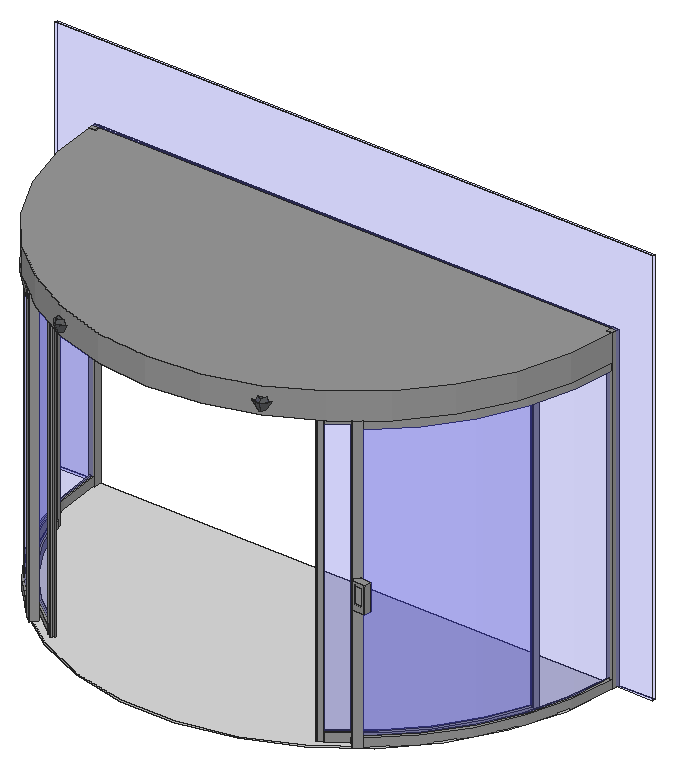
Revit family "Talos CSD-C02", category Türen, Revit 2016
Family settings
  OmniClass-Nummer = 23.30.10.00
  OmniClass-Titel = Doors
  Immer vertikal = Ja
  Beim Laden mit Abzugskörper schneiden = Nein
  Gemeinsam genutzt = Nein
  Raumberechnungspunkt = Nein
Parameters (values of type "CSD-C02 3800")
  Youtube clip = ""
  Width = 3900.00 mm
  Weight Net (Kg) = 0
  Weight = 0.00 kg
  Uniformat II Description = ""
  Uniformat II Code = ""
  Uniclass 2015 Name = ""
  Uniclass 2015 Code = ""
  Uniclass 2.0 Description = ""
  Uniclass 2.0 Code = ""
  Uniclass 1.4 Description = ""
  Uniclass 1.4 Code = ""
  URL = "http://www.kaba.com/physical-access-systems/en/solutions/92272/revolving-doors-and-circular-sliding-doors.html"
  UNSPSC Code = ""
  Type Comments = ""
  Type = "Talos CSD-C02"
  Technical description = "http://www.kaba.com/physical-access-systems/media/867246/v7/File/product-brochure-talos-rdr-and-csd.pdf"
  StandardUsed = "Talos CSD-C01-10"
  ShutOffDeviceInside = no
  ShutOffDevice = no
  RubberMaterial = Zellkautschuk - EPDM
  Product certification = ""
  Product SKU = "Talos_CSD-C02"
  Power = ""
  OuterDiameter = "3900 mm"
  OperatingWeight = 0.00 kg
  OmniClass Description = ""
  OmniClass Code = ""
  Nominal width = 0
  Nominal height = 2300
  NBS Reference Description = ""
  NBS Reference Code = ""
  MotorDriveType = ""
  Modell = "Talos RDR-E01"
  Material secondary = "Metal"
  Material main = "Glass"
  Masterformat 2014 Description = ""
  Masterformat 2014 Code = ""
  Manufacturer name = "DORMA"
  Manufacturer country = "Germany"
  Manufacturer = "Kaba GmbH"
  Installation instructions = ""
  IFC Classification = ""
  Edition number = 1
  EAN code = ""
  Design country = "Germany"
  Konstruktionstyp = "Circular Sliding Door"
  Hersteller = "Kaba GmbH"
  Height = 2400.00 mm
  HasShellTopFrame = yes
  HasMotionSensor = yes
  HasConsoleS2 = yes
  HasConsoleS1 = yes
  HandleMaterial = 1.4401 - A4
  Funktion = Außen
  FrameMaterial = 1.4401 - A4
  ExpectedLife = ""
  ElementWeight = 0.00 kg
  DoorWidth = AccessLengthOrRadius - 60.00 mm  # 1870.00 mm
  Dicke = 30.00 mm
  DiameterPortal = Diameter + 10.00 mm  # 1970.00 mm
  DiameterSlideGlassOutside = (Width / 2) - 60.00 mm  # 1890.00 mm
  DiameterSlideGlassInside = (Width / 2) - 70.00 mm  # 1880.00 mm
  DiameterSlideDoorFrame = Diameter - 99.00 mm  # 1861.00 mm
  DiameterSlideDoorCover = Diameter - 60.00 mm  # 1900.00 mm
  DiameterSlideDoor = Diameter - 90.00 mm  # 1870.00 mm
  DiameterGlassInside = (Width / 2) - 10.00 mm  # 1940.00 mm
  DiameterGlassOutside = (Width / 2)  # 1950.00 mm
  Diameter = (Width / 2) + 10.00 mm  # 1960.00 mm
  CoverWidth = Height - ClearHeight  # 200.00 mm
  CoverMaterial = Glas
  ConsoleType = console : Type 5
  Colour = ""
  ClearHeight = 2200.00 mm
  COBIe Type Category = ""
  BaseType = ">= 69 mm"
  Analytische Konstruktion = "<Keine Auswahl>"
  AccessLengthOrRadius = Diameter - 30.00 mm  # 1930.00 mm
Types (9, lengths in mm): name | Width | StandardUsed | OuterDiameter | Height | HasShellTopFrame | HasMotionSensor | HasConsoleS2 | HasConsoleS1 | DoorWidth | DiameterPortal | DiameterSlideGlassOutside | DiameterSlideGlassInside | DiameterSlideDoorFrame | DiameterSlideDoorCover | DiameterSlideDoor | DiameterGlassInside | DiameterGlassOutside | Diameter | CoverWidth | ConsoleType | ClearHeight | AccessLengthOrRadius
  CSD-C02 2000 | 2100.00 | "Talos CSD-C01-01" | "2100 mm" | 2300.00 | yes | no | no | no | 970.00 | 1070.00 | 990.00 | 980.00 | 961.00 | 1000.00 | 970.00 | 1040.00 | 1050.00 | 1060.00 | 200.00 | console : Type 5 | 2100.00 | 1030.00
  CSD-C02 2200 | 2300.00 | "Talos CSD-C01-02" | "2300 mm" | 2500.00 | yes | yes | yes | yes | 1070.00 | 1170.00 | 1090.00 | 1080.00 | 1061.00 | 1100.00 | 1070.00 | 1140.00 | 1150.00 | 1160.00 | 300.00 | console : Type 5 | 2200.00 | 1130.00
  CSD-C02 2400 | 2500.00 | "Talos CSD-C01-03" | "2500 mm" | 2500.00 | yes | no | yes | yes | 1170.00 | 1270.00 | 1190.00 | 1180.00 | 1161.00 | 1200.00 | 1170.00 | 1240.00 | 1250.00 | 1260.00 | 200.00 | console : Type 4 | 2300.00 | 1230.00
  CSD-C02 2600 | 2700.00 | "Talos CSD-C01-04" | "2700 mm" | 2400.00 | yes | yes | yes | yes | 1270.00 | 1370.00 | 1290.00 | 1280.00 | 1261.00 | 1300.00 | 1270.00 | 1340.00 | 1350.00 | 1360.00 | 300.00 | console : Type 5 | 2100.00 | 1330.00
  CSD-C02 2800 | 2500.00 | "Talos CSD-C01-05" | "2900 mm" | 2400.00 | yes | no | no | no | 1170.00 | 1270.00 | 1190.00 | 1180.00 | 1161.00 | 1200.00 | 1170.00 | 1240.00 | 1250.00 | 1260.00 | 200.00 | console : Type 4 | 2200.00 | 1230.00
  CSD-C02 3000 | 3100.00 | "Talos CSD-C01-06" | "3100 mm" | 2600.00 | yes | yes | yes | yes | 1470.00 | 1570.00 | 1490.00 | 1480.00 | 1461.00 | 1500.00 | 1470.00 | 1540.00 | 1550.00 | 1560.00 | 300.00 | console : Type 4 | 2300.00 | 1530.00
  CSD-C02 3200 | 3300.00 | "Talos CSD-C01-07" | "3300 mm" | 2400.00 | yes | no | yes | yes | 1570.00 | 1670.00 | 1590.00 | 1580.00 | 1561.00 | 1600.00 | 1570.00 | 1640.00 | 1650.00 | 1660.00 | 300.00 | console : Type 5 | 2100.00 | 1630.00
  CSD-C02 3600 | 3700.00 | "Talos CSD-C01-09" | "3700 mm" | 2300.00 | no | yes | yes | yes | 1770.00 | 1870.00 | 1790.00 | 1780.00 | 1761.00 | 1800.00 | 1770.00 | 1840.00 | 1850.00 | 1860.00 | 200.00 | console : Type 4 | 2100.00 | 1830.00
  CSD-C02 3800 | 3900.00 | "Talos CSD-C01-10" | "3900 mm" | 2400.00 | yes | yes | yes | yes | 1870.00 | 1970.00 | 1890.00 | 1880.00 | 1861.00 | 1900.00 | 1870.00 | 1940.00 | 1950.00 | 1960.00 | 200.00 | console : Type 5 | 2200.00 | 1930.00
Reference planes
  plane 1 "Mitte (Vorne/Hinten)": y = 0
  plane 2: z = 0
  plane 3 "Mitte (Links/Rechts)": x = 0.023
  plane 4 "Section L": x = -2247.477
  plane 5 "Section R": x = 2247.523
  plane 6 "Oberkante": z = 3000
  plane 7: z = 2400
  plane 8 "access height": z = 2200
  plane 9: x = -1949.977
  plane 10: x = 1950.023
  plane 11 "180-4": through (-2115.474, 2115.497, 800) normal (0.7071, 0.7071, 0)
  plane 12 "180-1": through (2115.52, 2115.497, 800) normal (0.7071, -0.7071, 0)
  plane 13 "180-3": through (-1923.046, -2291.824, 800) normal (-0.766, 0.6428, 0)
  plane 14: through (-2174.479, -706.539, 1200) normal (-0.309, 0.9511, 0)
  plane 15 "slidingDoorL": through (0.023, 0, 1200) normal (0.8387, -0.5446, 0)
  plane 16: through (1923.092, -2291.824, 800) normal (-0.766, -0.6428, 0)
  plane 17: through (2174.525, -706.539, 1200) normal (-0.309, -0.9511, 0)
  plane 18: through (0.023, 0, 1200) normal (0.8387, 0.5446, 0)
Forms (mm)
  Extrusion 1, solid
    sketch origin (0, 0, 0) x (1, 0, 0) y (0, 0, 1)
      loop
        line (-2247.477, 0) -> (-1949.977, 0) -> (-1949.977, 2400) -> (1950.023, 2400) -> (1950.023, 0) -> (2247.523, 0) -> (2247.523, 3000) -> (-2247.477, 3000) -> (-2247.477, 0)
    from -12 to 12
  Extrusion 2, solid, material "1.4401 - A4" <- "FrameMaterial"
    sketch origin (0, 0, 0) x (1, 0, 0) y (0, 1, 0)
      loop
        arc (-1969.977, 0) -> (0.023, -1970) -> (1970.023, 0) r 1970
        line (1970.023, 0) -> (-1969.977, 0)
    from 2200 <- "ClearHeight" to 2400 <- "Height"
  Extrusion 3, solid
    sketch origin (28.5, -238.964, 0) x (1, 0, 0) y (0, 1, 0)
      loop
        line (-1998.477, 195.318) -> (-1949.977, 195.318) -> (-1949.977, 250.964) -> (-1998.477, 250.964) -> (-1998.477, 195.318)
    from 0 to 2400
  Extrusion 4, solid
    sketch origin (-182.5, 0, 0) x (1, 0, 0) y (0, 1, 0)
      loop
        line (-1077.341, -1501.447) -> (-1058.057, -1478.466)
        arc (-1058.057, -1478.466) -> (-1557.316, -835.381) -> (-1746.983, -43.646) r 1930
        line (-1746.983, -43.646) -> (-1776.991, -43.646)
        arc (-1776.991, -43.646) -> (-1584.507, -848.06) -> (-1077.341, -1501.447) r 1960
      loop
        line (1423.103, -1478.466) -> (1442.387, -1501.447)
        arc (1442.387, -1501.447) -> (1949.801, -847.543) -> (2142.062, -42.5) r 1960
        line (2142.062, -42.5) -> (2112.055, -42.5)
        arc (2112.055, -42.5) -> (1922.61, -834.864) -> (1423.103, -1478.466) r 1930
    from 0 to 63
  Extrusion 5, solid
    sketch origin (-28.454, -238.964, 0) x (-1, 0, 0) y (0, -1, 0)
      loop
        line (-1998.477, -196.464) -> (-1998.477, -250.964) -> (-1949.977, -250.964) -> (-1949.977, -196.464) -> (-1998.477, -196.464)
    from 0 to 2400
  Extrusion 6, solid
    sketch origin (-164.729, 175.418, 0) x (0.642788, 0.766044, 0) y (-0.766044, 0.642788, 0)
      loop
        line (-1995.477, -238.964) -> (-1995.477, -302.964)
        arc (-1995.477, -302.964) -> (-1994.012, -306.5) -> (-1990.477, -307.964) r 5
        line (-1990.477, -307.964) -> (-1939.477, -307.964) -> (-1939.477, -283.964) -> (-1942.477, -283.964) -> (-1942.477, -304.964) -> (-1958.477, -304.964) -> (-1958.477, -238.964) -> (-1995.477, -238.964)
    from 0 to 2200
  Extrusion 7, solid, material "PVC-Hart"
    sketch origin (0, 0, 0) x (1, 0, 0) y (0, 1, 0)
      loop
        arc (-1959.977, 0) -> (0.023, -1960) -> (1960.023, 0) r 1960
        line (1960.023, 0) -> (-1959.977, 0)
    from -8 to 2
  Extrusion 8, solid
    sketch origin (0, 0, 0) x (1, 0, 0) y (0, 1, 0)
      loop
        arc (-1806.984, -587.132) -> (-1507.348, -1156.647) -> (-1034.791, -1593.474) r 1900
        line (-1034.791, -1593.474) -> (-1018.452, -1568.314)
        arc (-1018.452, -1568.314) -> (-1483.548, -1138.384) -> (-1778.453, -577.862) r 1870
        line (-1778.453, -577.862) -> (-1806.984, -587.132)
      loop
        line (1018.498, -1568.314) -> (1034.837, -1593.474)
        arc (1034.837, -1593.474) -> (1507.394, -1156.647) -> (1807.03, -587.132) r 1900
        line (1807.03, -587.132) -> (1778.499, -577.862)
        arc (1778.499, -577.862) -> (1483.594, -1138.384) -> (1018.498, -1568.314) r 1870
    from 0 to 63
  Extrusion 9, solid, visible <- "HasShellTopFrame"
    sketch origin (0, 0, 0) x (1, 0, 0) y (0, 1, 0)
      loop
        arc (-1240.557, -1478.466) -> (-1749.151, -815.653) -> (-1929.977, 0) r 1930
        line (-1929.977, 0) -> (-1969.977, 0)
        arc (-1969.977, 0) -> (-1785.403, -832.558) -> (-1266.268, -1509.108) r 1970
        line (-1266.268, -1509.108) -> (-1240.557, -1478.466)
      loop
        arc (1930.023, 0) -> (1749.197, -815.653) -> (1240.603, -1478.466) r 1930
        line (1240.603, -1478.466) -> (1259.887, -1501.447)
        arc (1259.887, -1501.447) -> (1776.386, -828.332) -> (1960.023, 0) r 1960
        line (1960.023, 0) -> (1930.023, 0)
    from 2137 to 2200
  Extrusion 10, solid, material "Glas" <- "CoverMaterial"
    sketch origin (0, 0, 0) x (1, 0, 0) y (0, 1, 0)
      loop
        arc (1253.459, -1493.787) -> (1767.323, -824.106) -> (1950.023, 0) r 1950
        line (1950.023, 0) -> (1940.023, 0)
        arc (1940.023, 0) -> (1758.26, -819.879) -> (1247.031, -1486.126) r 1940
        line (1247.031, -1486.126) -> (1253.459, -1493.787)
      loop
        arc (-1949.977, 0) -> (-1767.277, -824.106) -> (-1253.413, -1493.787) r 1950
        line (-1253.413, -1493.787) -> (-1246.985, -1486.126)
        arc (-1246.985, -1486.126) -> (-1758.214, -819.879) -> (-1939.977, 0) r 1940
        line (-1939.977, 0) -> (-1949.977, 0)
    from 63 to 2200
  Extrusion 11, solid
    sketch origin (0, 0, 0) x (1, 0, 0) y (0, 1, 0)
      loop
        line (-1018.452, -1568.314) -> (-1034.791, -1593.474) -> (-1002.922, -1614.17) -> (-986.582, -1589.01) -> (-1018.452, -1568.314)
    from 0 to 2200
  Extrusion 12, solid
    sketch origin (0, 0, 0) x (1, 0, 0) y (0, 1, 0)
      loop
        line (-1806.984, -587.132) -> (-1778.453, -577.862) -> (-1790.195, -541.722) -> (-1818.727, -550.992) -> (-1806.984, -587.132)
    from 0 to 2200
  Extrusion 13, solid
    sketch origin (164.776, 175.418, 0) x (-0.642788, 0.766044, 0) y (-0.766044, -0.642788, 0)
      loop
        line (-1995.477, 238.964) -> (-1958.477, 238.964) -> (-1958.477, 304.964) -> (-1942.477, 304.964) -> (-1942.477, 283.964) -> (-1939.477, 283.964) -> (-1939.477, 307.964) -> (-1990.477, 307.964)
        arc (-1990.477, 307.964) -> (-1994.012, 306.5) -> (-1995.477, 302.964) r 5
        line (-1995.477, 302.964) -> (-1995.477, 238.964)
    from 0 to 2200
  Extrusion 14, solid
    sketch origin (0.046, 0, 0) x (-1, 0, 0) y (0, -1, 0)
      loop
        line (-1806.984, 587.132) -> (-1818.727, 550.992) -> (-1790.195, 541.722) -> (-1778.453, 577.862) -> (-1806.984, 587.132)
    from 0 to 2200
  Extrusion 15, solid
    sketch origin (0.046, 0, 0) x (-1, 0, 0) y (0, -1, 0)
      loop
        line (-1018.452, 1568.314) -> (-986.582, 1589.01) -> (-1002.922, 1614.17) -> (-1034.791, 1593.474) -> (-1018.452, 1568.314)
    from 0 to 2200
  Extrusion 16, solid
    sketch origin (0, 0, 0) x (1, 0, 0) y (0, 1, 0)
      loop
        line (1807.03, -587.132) -> (1778.499, -577.862)
        arc (1778.499, -577.862) -> (1483.594, -1138.384) -> (1018.498, -1568.314) r 1870
        line (1018.498, -1568.314) -> (1034.837, -1593.474)
        arc (1034.837, -1593.474) -> (1507.394, -1156.647) -> (1807.03, -587.132) r 1900
      loop
        arc (-1806.984, -587.132) -> (-1507.348, -1156.647) -> (-1034.791, -1593.474) r 1900
        line (-1034.791, -1593.474) -> (-1018.452, -1568.314)
        arc (-1018.452, -1568.314) -> (-1483.548, -1138.384) -> (-1778.453, -577.862) r 1870
        line (-1778.453, -577.862) -> (-1806.984, -587.132)
    from 2137 to 2200
  Sweep 17, solid, material "Zellkautschuk - EPDM"
    path in 3D
      loop
        line (-1002.922, -1614.17, 2200) -> (-1002.922, -1614.17, 0)
    profile "Rubber Profile Talos CSD-C01 : Rubber Profile Talos CSD-C01" origin (-1002.922, -1614.17, 1100) x (0.544639, 0.838671, 0) y (0.838671, -0.544639, 0)
      loop
        line (0.01, 0) -> (30, 0) -> (30, 7.073)
        arc (30, 7.073) -> (29.096, 8.392) -> (27.509, 8.197) r 1.539
        line (27.509, 8.197) -> (19.889, 2.185)
        arc (19.889, 2.185) -> (19.204, 1.97) -> (18.549, 2.264) r 1.01
        line (18.549, 2.264) -> (12.07, 8.743)
        arc (12.07, 8.743) -> (10.935, 9.454) -> (9.604, 9.597) r 2.986
        arc (9.604, 9.597) -> (5.635, 8.124) -> (2.283, 5.538) r 14.092
        arc (2.283, 5.538) -> (0.623, 2.984) -> (0.01, 0) r 8.2
  Sweep 18, solid, material "Zellkautschuk - EPDM"
    path in 3D
      loop
        line (986.629, -1589.01, 2200) -> (986.629, -1589.01, 0)
    profile "Rubber Profile Talos CSD-C01 : Rubber Profile Talos CSD-C01" origin (986.629, -1589.01, 1100) x (0.544639, -0.838671, 0) y (-0.838671, -0.544639, 0)
      loop
        line (0.01, 0) -> (30, 0) -> (30, 7.073)
        arc (30, 7.073) -> (29.096, 8.392) -> (27.509, 8.197) r 1.539
        line (27.509, 8.197) -> (19.889, 2.185)
        arc (19.889, 2.185) -> (19.204, 1.97) -> (18.549, 2.264) r 1.01
        line (18.549, 2.264) -> (12.07, 8.743)
        arc (12.07, 8.743) -> (10.935, 9.454) -> (9.604, 9.597) r 2.986
        arc (9.604, 9.597) -> (5.635, 8.124) -> (2.283, 5.538) r 14.092
        arc (2.283, 5.538) -> (0.623, 2.984) -> (0.01, 0) r 8.2
  Extrusion 19, solid
    sketch origin (0, 0, 0) x (1, 0, 0) y (0, 1, 0)
      loop
        line (1797.52, -584.042) -> (1788.009, -580.952)
        arc (1788.009, -580.952) -> (1491.527, -1144.471) -> (1023.944, -1576.701) r 1880
        line (1023.944, -1576.701) -> (1029.391, -1585.087)
        arc (1029.391, -1585.087) -> (1499.461, -1150.559) -> (1797.52, -584.042) r 1890
      loop
        arc (-1797.474, -584.042) -> (-1499.415, -1150.559) -> (-1029.345, -1585.087) r 1890
        line (-1029.345, -1585.087) -> (-1023.898, -1576.701)
        arc (-1023.898, -1576.701) -> (-1491.481, -1144.471) -> (-1787.963, -580.952) r 1880
        line (-1787.963, -580.952) -> (-1797.474, -584.042)
    from 63 to 2137
Lines and regions (mm)
  reference lines
    curve 1: circle (0.023, 0, 0) r 1930 normal (0, 0, 1)
    curve 2: circle (0.023, 0, 0) r 1960 normal (0, 0, 1)
    curve 3: circle (0.023, 0, 0) r 1870 normal (0, 0, 1)
    curve 4: circle (0.023, 0, 0) r 1900 normal (0, 0, 1)
    curve 5: circle (0.023, 0, 0) r 1940 normal (0, 0, 1)
    curve 6: circle (0.023, 0, 0) r 1950 normal (0, 0, 1)
    curve 7: circle (0.023, 0, 3000) r 1970 normal (0, 0, 1)
    curve 8: circle (0.023, 0, 0) r 1890 normal (0, 0, 1)
    curve 9: circle (0.023, 0, 0) r 1880 normal (0, 0, 1)
  sketch lines
    curve 10: line (-1002.922, -1614.17, 2200) -> (-1002.922, -1614.17, 0)
    curve 11: line (986.629, -1589.01, 2200) -> (986.629, -1589.01, 0)
Text (mm)
  text "Außen" at (-1061.5, 797.241, 0), in view "Referenzebene"
Dimensions and locks
  plane 4 "Section L" to plane 5 "Section R" = 4495.00 mm
  "ClearHeight": plane 8 "access height" to plane 2
  "CoverWidth": plane 7 to plane 8 "access height"
  plane 7 to plane 8 "access height" = 200.00 mm
  Extrusion 3 sketch curve to Extrusion 3 sketch curve = 55.646 mm
  locked: Extrusion 3 sketch curve to Extrusion 3 sketch curve at 48.5
  "Width": plane 9 to plane 10
  equal spacing: plane 9, plane 3 "Mitte (Links/Rechts)", plane 10
  Extrusion 3 to plane 1 "Mitte (Vorne/Hinten)" = 43.646 mm
  locked: Extrusion 3 to plane 9 at 20
  Extrusion 5 sketch curve to Extrusion 5 sketch curve = 54.50 mm
  locked: Extrusion 5 sketch curve to Extrusion 5 sketch curve at 48.5
  Extrusion 1 to Extrusion 3 = 20.00 mm
  plane 8 "access height" to plane 7 = 200.00 mm  (x2)
  locked: Extrusion 6 sketch curve to Extrusion 6 sketch curve at 56
  locked: Extrusion 6 sketch curve to Extrusion 4 at 69
  locked: Extrusion 12 sketch curve to Extrusion 12 sketch curve at 30
  Extrusion 12 sketch curve to Extrusion 12 sketch curve = 38.00 mm
  "DoorWidth": plane 11 "180-4" to Extrusion 12 sketch curve
  locked: Extrusion 11 sketch curve to plane 15 "slidingDoorL" at 38
  locked: Extrusion 11 sketch curve to Extrusion 11 sketch curve at 30
  "DoorWidth": Extrusion 11 sketch curve to plane 15 "slidingDoorL"
  locked: Extrusion 14 sketch curve to Extrusion 14 sketch curve at 30
  locked: Extrusion 14 sketch curve to Extrusion 14 sketch curve at 38
  "AccessLengthOrRadius": Extrusion 13 sketch curve to plane 3 "Mitte (Links/Rechts)"
  locked: Extrusion 13 sketch curve to Extrusion 13 sketch curve at 69
  "DoorWidth": Extrusion 14 sketch curve to plane 3 "Mitte (Links/Rechts)"
  "DiameterPortal": nested 4 to plane 15 "slidingDoorL"
  locked: Extrusion 13 sketch curve to Extrusion 13 sketch curve at 37
  locked: Extrusion 13 sketch curve to Extrusion 13 sketch curve at 19
  locked: Extrusion 15 sketch curve to Extrusion 15 sketch curve at 30
  locked: Extrusion 15 sketch curve to Extrusion 15 sketch curve at 38
  "DoorWidth": plane 18 to Extrusion 15 sketch curve
  locked: plane 8 "access height" to Extrusion 16 at 63
  equal spacing: plane 7, nested 4, plane 8 "access height"
  locked: Extrusion 9 to plane 8 "access height" at 63
  "AccessLengthOrRadius": plane 15 "slidingDoorL" to Extrusion 6 sketch curve
  "DiameterPortal": nested 3 to plane 15 "slidingDoorL"
  "AccessLengthOrRadius": radius of curve 1
  "Diameter": radius of curve 2
  "DiameterSlideDoor": radius of curve 3
  "DiameterSlideDoorCover": radius of curve 4
  "DiameterGlassInside": radius of curve 5
  "DiameterGlassOutside": radius of curve 6
  "DiameterPortal": radius of curve 7
  "DiameterSlideGlassInside": radius of curve 9
  "DiameterSlideGlassOutside": radius of curve 8
  "DiameterSlideDoorCover": radius of Extrusion 16 sketch curve
  "DiameterSlideDoor": radius of Extrusion 16 sketch curve
  locked: plane 3 "Mitte (Links/Rechts)" to nested 3 (angle 22.50°)
  locked: nested 4 to plane 3 "Mitte (Links/Rechts)" (angle 22.50°)
  angle plane 17 to plane 1 "Mitte (Vorne/Hinten)" = 18.00°
  aligned and locked: level to plane 2
  aligned and locked: Extrusion 1 to plane 4 "Section L"
  aligned and locked: Extrusion 1 to plane 6 "Oberkante"
  aligned and locked: Extrusion 1 to plane 5 "Section R"
  aligned and locked: Extrusion 1 to level  (x2)
  aligned and locked: plane 9 to Extrusion 1
  aligned and locked: Extrusion 1 to plane 10
  aligned and locked: Extrusion 4 sketch curve to plane 13 "180-3"
  aligned and locked: Extrusion 4 sketch curve to curve 2  (x2)
  aligned and locked: Extrusion 4 sketch curve to curve 1  (x2)
  aligned and locked: Extrusion 7 sketch curve to curve 2
  aligned and locked: Extrusion 9 sketch curve to Extrusion 4  (x2)
  aligned and locked: Extrusion 9 sketch curve to plane 13 "180-3"
  aligned and locked: plane 8 "access height" to Extrusion 9
  aligned and locked: plane 8 "access height" to Extrusion 6
  aligned and locked: plane 7 to Extrusion 5
  aligned and locked: plane 7 to Extrusion 3
  aligned and locked: Extrusion 5 to Extrusion 4 sketch curve
  aligned and locked: Extrusion 4 to Extrusion 3
  aligned and locked: Extrusion 10 sketch curve to curve 5  (x2)
  aligned and locked: Extrusion 10 sketch curve to curve 6  (x2)
  aligned and locked: Extrusion 10 sketch curve to plane 13 "180-3"
  aligned and locked: Extrusion 2 sketch curve to curve 7
  aligned and locked: Extrusion 11 sketch curve to plane 15 "slidingDoorL"
  aligned and locked: Extrusion 12 sketch curve to plane 14
  aligned and locked: plane 17 to Extrusion 14 sketch curve
  aligned and locked: plane 16 to Extrusion 13
  aligned and locked: plane 8 "access height" to Extrusion 11
  aligned and locked: plane 8 "access height" to Extrusion 10
  aligned and locked: plane 8 "access height" to Extrusion 14
  aligned and locked: plane 18 to Extrusion 15 sketch curve
  aligned and locked: nested 1 to Extrusion 13
  aligned and locked: plane 8 "access height" to Extrusion 12
  aligned and locked: plane 17 to Extrusion 16 sketch curve
  aligned and locked: Extrusion 16 sketch curve to plane 14
  aligned and locked: plane 8 "access height" to Extrusion 16
  aligned and locked: plane 8 "access height" to Extrusion 15
  aligned and locked: plane 8 "access height" to Extrusion 13
  aligned and locked: Extrusion 8 sketch curve to curve 4  (x2)
  aligned and locked: Extrusion 8 sketch curve to curve 3  (x2)
  aligned and locked: Extrusion 8 sketch curve to plane 14
  aligned and locked: Extrusion 8 sketch curve to plane 15 "slidingDoorL"
  aligned and locked: plane 18 to Extrusion 8 sketch curve
  aligned and locked: plane 17 to Extrusion 8 sketch curve
  aligned and locked: plane 17 to Extrusion 19 sketch curve
  aligned and locked: Extrusion 19 sketch curve to plane 14
  aligned and locked: Extrusion 19 sketch curve to curve 8  (x2)
  aligned and locked: Extrusion 19 sketch curve to curve 9  (x2)
  aligned and locked: Extrusion 19 to Extrusion 9
  aligned and locked: Extrusion 19 to Extrusion 4
  aligned and locked: plane 1 "Mitte (Vorne/Hinten)" to Extrusion 9 sketch curve
  aligned and locked: Extrusion 9 sketch curve to plane 1 "Mitte (Vorne/Hinten)"
  aligned and locked: Extrusion 10 to plane 13 "180-3"
  aligned and locked: plane 16 to Extrusion 4 sketch curve
  aligned and locked: plane 16 to Extrusion 10 sketch curve
  aligned and locked: plane 13 "180-3" to Extrusion 6 sketch curve
  aligned and locked: Extrusion 3 sketch curve to Extrusion 1
  aligned and locked: plane 16 to Extrusion 9 sketch curve
  aligned and locked: Extrusion 9 sketch curve to Extrusion 2
  aligned and locked: Extrusion 9 sketch curve to Extrusion 9 sketch curve
  aligned and locked: Extrusion 16 sketch curve to Extrusion 16 sketch curve  (x2)
  aligned and locked: Extrusion 6 to nested 2
  aligned and locked: nested 4 to nested 3
Automatic sketch dimensions
  Extrusion 1 sketch curve to level = 0.00 mm  (x2)
  plane 4 "Section L" to Extrusion 1 sketch curve = 0.00 mm
  Extrusion 1 sketch curve to plane 9 = 0.00 mm
  Extrusion 1 sketch curve to plane 7 = 0.00 mm
  Extrusion 1 sketch curve to plane 10 = 0.00 mm
  plane 5 "Section R" to Extrusion 1 sketch curve = 0.00 mm
  Extrusion 1 sketch curve to plane 6 "Oberkante" = 0.00 mm
  Extrusion 5 sketch curve to plane 10 = 20.00 mm
  Extrusion 5 sketch curve to plane 1 "Mitte (Vorne/Hinten)" = 42.50 mm
  plane 18 to Extrusion 8 sketch curve = 0.00 mm  (x2)
  plane 18 to Extrusion 19 sketch curve = 0.00 mm  (x2)
  Extrusion 19 sketch curve to plane 15 "slidingDoorL" = 0.00 mm
  plane 15 "slidingDoorL" to Extrusion 19 sketch curve = 0.00 mm
  Extrusion 3 sketch curve to plane 9 = 20.00 mm
  plane 9 to Extrusion 4 sketch curve = 20.494 mm
  curve 1 to curve 2 = 0.00 mm  (x2)
  curve 1 to curve 3 = 0.00 mm  (x2)
  curve 1 to curve 4 = 0.00 mm  (x2)
  curve 1 to curve 5 = 0.00 mm  (x2)
  curve 1 to curve 6 = 0.00 mm  (x2)
  curve 1 to curve 8 = 0.00 mm
  curve 6 to curve 8 = 0.00 mm
  curve 6 to curve 9 = 0.00 mm  (x2)
  plane 1 "Mitte (Vorne/Hinten)" to curve 2 = 0.00 mm
  curve 2 to plane 3 "Mitte (Links/Rechts)" = 0.00 mm
  Extrusion 6 sketch curve to Extrusion 6 sketch curve = 32.00 mm
  Extrusion 6 sketch curve to Extrusion 6 sketch curve = 37.00 mm
  Extrusion 6 sketch curve to Extrusion 6 sketch curve = 3.00 mm  (x2)
  Extrusion 6 sketch curve to Extrusion 6 sketch curve = 24.00 mm
  plane 1 "Mitte (Vorne/Hinten)" to curve 7 = 0.00 mm
  curve 7 to plane 3 "Mitte (Links/Rechts)" = 0.00 mm
  Extrusion 13 sketch curve to plane 16 = 0.00 mm
  Extrusion 13 sketch curve to Extrusion 13 sketch curve = 5.00 mm
  Extrusion 13 sketch curve to Extrusion 13 sketch curve = 3.00 mm  (x2)
  Extrusion 13 sketch curve to Extrusion 13 sketch curve = 24.00 mm
  Extrusion 16 sketch curve to Extrusion 16 sketch curve = 0.00 mm  (x2)
  plane 15 "slidingDoorL" to Extrusion 16 sketch curve = 0.00 mm  (x2)
  plane 1 "Mitte (Vorne/Hinten)" to Extrusion 16 sketch curve = 0.00 mm
  Extrusion 16 sketch curve to plane 3 "Mitte (Links/Rechts)" = 0.00 mm
  plane 18 to Extrusion 16 sketch curve = 0.00 mm  (x2)
Nested families
  nested 1: "console" at (1214.594, -1548.59, 950) x (0.6428, -0.766, 0) z (0, 0, 1), visible <- "HasConsoleS1", type <- "ConsoleType", type "Type 5"
    with OpeningStart 49.00 mm, ConsoleHeight 192.00 mm
  nested 2: "emergencyStop" at (-1283.054, -1579.573, 950) x (-0.9962, -0.0872, 0) z (0, 0, 1), visible <- "ShutOffDeviceInside", type "emergencyStop"
  nested 3: "radar" at (753.909, -1820.043, 2246) x (0.9239, 0.3827, 0) z (0, 0, 1), visible <- "HasMotionSensor", type "radar"
  nested 4: "radar" at (-753.863, -1820.043, 2246) x (0.9239, -0.3827, 0) z (0, 0, 1), visible <- "HasMotionSensor", type "radar"
Definition of nested family "console"
  Parameters
    OpeningStart = 18.00 mm
    ConsoleHeight = 138.00 mm
  Reference planes
    plane 1 "Mitte (Vorne/Hinten)": y = 0
    plane 2: z = 0
    plane 3 "Mitte (Links/Rechts)": x = 0
    plane 4 "loch": through (36.581, 1.377, 1200) normal (-0.7071, 0.7071, 0)
    plane 5: z = 20
    plane 6: z = 122
    plane 7: z = 140
    plane 8: z = 2
    plane 9: z = 142
  Forms (mm)
    Extrusion 1, solid
      sketch origin (0, 0, 0) x (1, 0, 0) y (0, 1, 0)
        loop
          arc (1.377, 51.025) -> (0.358, 49.5) -> (0, 47.701) r 4.7
          line (0, 47.701) -> (0, 4.7)
          arc (0, 4.7) -> (1.377, 1.377) -> (4.7, 0) r 4.7
          line (4.7, 0) -> (33.258, 0)
          arc (33.258, 0) -> (35.056, 0.358) -> (36.581, 1.377) r 4.7
          line (36.581, 1.377) -> (99.094, 63.889)
          arc (99.094, 63.889) -> (100.471, 67.213) -> (99.094, 70.536) r 4.7
          line (99.094, 70.536) -> (63.315, 106.316)
          arc (63.315, 106.316) -> (59.991, 107.692) -> (56.668, 106.316) r 4.7
          line (56.668, 106.316) -> (1.377, 51.025)
      from 0 to 2
    Extrusion 2, solid
      sketch origin (0, 0, 0) x (1, 0, 0) y (0, 1, 0)
        loop
          arc (1.377, 51.025) -> (0.358, 49.5) -> (0, 47.701) r 4.7
          line (0, 47.701) -> (0, 4.7)
          arc (0, 4.7) -> (1.377, 1.377) -> (4.7, 0) r 4.7
          line (4.7, 0) -> (33.258, 0)
          arc (33.258, 0) -> (35.056, 0.358) -> (36.581, 1.377) r 4.7
          line (36.581, 1.377) -> (99.094, 63.889)
          arc (99.094, 63.889) -> (100.471, 67.213) -> (99.094, 70.536) r 4.7
          line (99.094, 70.536) -> (63.315, 106.316)
          arc (63.315, 106.316) -> (59.991, 107.692) -> (56.668, 106.316) r 4.7
          line (56.668, 106.316) -> (1.377, 51.025)
      from 140 to 142
    Extrusion 3, solid
      sketch origin (0, 0, 0) x (1, 0, 0) y (0, 1, 0)
        loop
          arc (1.377, 51.025) -> (0.358, 49.5) -> (0, 47.701) r 4.7
          line (0, 47.701) -> (0, 4.7)
          arc (0, 4.7) -> (1.377, 1.377) -> (4.7, 0) r 4.7
          line (4.7, 0) -> (33.258, 0)
          arc (33.258, 0) -> (35.056, 0.358) -> (36.581, 1.377) r 4.7
          line (36.581, 1.377) -> (99.094, 63.889)
          arc (99.094, 63.889) -> (100.471, 67.213) -> (99.094, 70.536) r 4.7
          line (99.094, 70.536) -> (63.315, 106.316)
          arc (63.315, 106.316) -> (59.991, 107.692) -> (56.668, 106.316) r 4.7
          line (56.668, 106.316) -> (1.377, 51.025)
        loop
          line (58.153, 104.831) -> (2.862, 49.54)
          arc (2.862, 49.54) -> (2.298, 48.696) -> (2.1, 47.701) r 2.6
          line (2.1, 47.701) -> (2.1, 4.7)
          arc (2.1, 4.7) -> (2.862, 2.862) -> (4.7, 2.1) r 2.6
          line (4.7, 2.1) -> (33.258, 2.1)
          arc (33.258, 2.1) -> (34.253, 2.298) -> (35.096, 2.862) r 2.6
          line (35.096, 2.862) -> (97.609, 65.374)
          arc (97.609, 65.374) -> (98.371, 67.213) -> (97.609, 69.051) r 2.6
          line (97.609, 69.051) -> (61.83, 104.831)
          arc (61.83, 104.831) -> (59.991, 105.592) -> (58.153, 104.831) r 2.6
      from 2 to 140
    Extrusion 4, void
      sketch origin (17.602, -17.602, -32.1) x (-0.707107, -0.707107, 0) y (0, 0, 1)
        loop
          line (-46.447, 154.1) -> (-95.447, 154.1)
          arc (-95.447, 154.1) -> (-97.215, 153.368) -> (-97.947, 151.6) r 2.5
          line (-97.947, 151.6) -> (-97.947, 54.6)
          arc (-97.947, 54.6) -> (-97.215, 52.832) -> (-95.447, 52.1) r 2.5
          line (-95.447, 52.1) -> (-46.447, 52.1)
          arc (-46.447, 52.1) -> (-44.679, 52.832) -> (-43.947, 54.6) r 2.5
          line (-43.947, 54.6) -> (-43.947, 151.6)
          arc (-43.947, 151.6) -> (-44.679, 153.368) -> (-46.447, 154.1) r 2.5
      from 0 to 2
  Cuts and joins
    Extrusion 4 cuts Extrusion 3
    joined: Extrusion 1, Extrusion 2, Extrusion 3
  Dimensions and locks
    "ConsoleHeight": plane 8 to plane 7
    locked: plane 2 to plane 8 at 2
    plane 6 to plane 7 to plane 9 = 18.00 mm locked, 2.00 mm locked
    "OpeningStart": plane 8 to plane 5
    aligned and locked: level to plane 2
    aligned and locked: Extrusion 2 to Extrusion 3
    aligned and locked: Extrusion 1 to level
    aligned and locked: Extrusion 3 to Extrusion 1
    aligned and locked: plane 6 to Extrusion 4
    aligned and locked: Extrusion 4 to plane 5
    aligned and locked: plane 9 to Extrusion 2
    aligned and locked: plane 7 to cut or joined group of Extrusion 1, Extrusion 2, Extrusion 3, Extrusion 4
    aligned and locked: plane 6 to cut or joined group of Extrusion 1, Extrusion 2, Extrusion 3, Extrusion 4
  Automatic sketch dimensions
    Extrusion 1 sketch curve to plane 3 "Mitte (Links/Rechts)" = 0.00 mm
    plane 1 "Mitte (Vorne/Hinten)" to Extrusion 1 sketch curve = 0.00 mm
    Extrusion 1 sketch curve to plane 4 "loch" = 0.00 mm  (x2)
    plane 3 "Mitte (Links/Rechts)" to Extrusion 1 sketch curve = 1.377 mm
    plane 3 "Mitte (Links/Rechts)" to Extrusion 1 sketch curve = 4.70 mm
    Extrusion 1 sketch curve to Extrusion 1 sketch curve = 4.70 mm
    Extrusion 1 sketch curve to plane 1 "Mitte (Vorne/Hinten)" = 4.70 mm
    Extrusion 1 sketch curve to plane 1 "Mitte (Vorne/Hinten)" = 1.377 mm
    plane 3 "Mitte (Links/Rechts)" to Extrusion 1 sketch curve = 56.668 mm
    Extrusion 1 sketch curve to Extrusion 1 sketch curve = 3.323 mm  (x4)
    Extrusion 1 sketch curve to Extrusion 1 sketch curve = 35.78 mm  (x2)
    Extrusion 1 sketch curve to plane 1 "Mitte (Vorne/Hinten)" = 70.536 mm
    Extrusion 1 sketch curve to plane 1 "Mitte (Vorne/Hinten)" = 63.889 mm
    Extrusion 1 sketch curve to Extrusion 1 sketch curve = 43.001 mm
    Extrusion 2 sketch curve to plane 3 "Mitte (Links/Rechts)" = 0.00 mm
    plane 1 "Mitte (Vorne/Hinten)" to Extrusion 2 sketch curve = 0.00 mm
    Extrusion 2 sketch curve to plane 4 "loch" = 0.00 mm  (x2)
    plane 3 "Mitte (Links/Rechts)" to Extrusion 2 sketch curve = 1.377 mm
    plane 3 "Mitte (Links/Rechts)" to Extrusion 2 sketch curve = 4.70 mm
    Extrusion 2 sketch curve to Extrusion 2 sketch curve = 4.70 mm
    Extrusion 2 sketch curve to plane 1 "Mitte (Vorne/Hinten)" = 4.70 mm
    Extrusion 2 sketch curve to plane 1 "Mitte (Vorne/Hinten)" = 1.377 mm
    plane 3 "Mitte (Links/Rechts)" to Extrusion 2 sketch curve = 56.668 mm
    Extrusion 2 sketch curve to Extrusion 2 sketch curve = 3.323 mm  (x4)
    Extrusion 2 sketch curve to Extrusion 2 sketch curve = 35.78 mm  (x2)
    Extrusion 2 sketch curve to plane 1 "Mitte (Vorne/Hinten)" = 70.536 mm
    Extrusion 2 sketch curve to plane 1 "Mitte (Vorne/Hinten)" = 63.889 mm
    Extrusion 2 sketch curve to Extrusion 2 sketch curve = 43.001 mm
    Extrusion 3 sketch curve to Extrusion 3 sketch curve = 0.00 mm  (x10)
    Extrusion 3 sketch curve to plane 3 "Mitte (Links/Rechts)" = 0.00 mm
    plane 1 "Mitte (Vorne/Hinten)" to Extrusion 3 sketch curve = 0.00 mm
    Extrusion 3 sketch curve to plane 4 "loch" = 0.00 mm  (x2)
    plane 3 "Mitte (Links/Rechts)" to Extrusion 3 sketch curve = 1.377 mm
    Extrusion 3 sketch curve to Extrusion 3 sketch curve = 2.10 mm
    Extrusion 3 sketch curve to Extrusion 3 sketch curve = 0.762 mm
    plane 3 "Mitte (Links/Rechts)" to Extrusion 3 sketch curve = 4.70 mm
    Extrusion 3 sketch curve to Extrusion 3 sketch curve = 1.838 mm  (x6)
    Extrusion 3 sketch curve to Extrusion 3 sketch curve = 28.558 mm
    Extrusion 3 sketch curve to plane 1 "Mitte (Vorne/Hinten)" = 2.862 mm
    Extrusion 3 sketch curve to plane 1 "Mitte (Vorne/Hinten)" = 1.377 mm
    plane 3 "Mitte (Links/Rechts)" to Extrusion 3 sketch curve = 56.668 mm
    Extrusion 3 sketch curve to Extrusion 3 sketch curve = 1.485 mm  (x5)
    Extrusion 3 sketch curve to Extrusion 3 sketch curve = 35.78 mm  (x2)
    Extrusion 3 sketch curve to plane 1 "Mitte (Vorne/Hinten)" = 63.889 mm
    Extrusion 3 sketch curve to plane 1 "Mitte (Vorne/Hinten)" = 70.536 mm
    Extrusion 3 sketch curve to Extrusion 3 sketch curve = 43.001 mm
    plane 5 to Extrusion 4 sketch curve = 0.00 mm
    plane 6 to Extrusion 4 sketch curve = 0.00 mm
    plane 5 to Extrusion 4 sketch curve = 2.50 mm
    Extrusion 4 sketch curve to Extrusion 4 sketch curve = 2.50 mm
    Extrusion 4 sketch curve to Extrusion 4 sketch curve = 49.00 mm  (x2)
    Extrusion 4 sketch curve to plane 6 = 2.50 mm
Definition of nested family "emergencyStop"
  Reference planes
    plane 1 "Mitte (Vorne/Hinten)": y = 0
    plane 2: z = 0
    plane 3 "Mitte (Links/Rechts)": x = 0
  Forms (mm)
    Extrusion 1, solid
      sketch origin (0, 0, 0) x (1, 0, 0) y (0, 1, 0)
        loop
          arc (-33.893, 60) -> (-35.692, 59.642) -> (-37.217, 58.623) r 4.7
          line (-37.217, 58.623) -> (-61.047, 34.793) -> (-67.623, 28.217)
          arc (-67.623, 28.217) -> (-69, 24.893) -> (-67.623, 21.57) r 4.7
          line (-67.623, 21.57) -> (-47.43, 1.377)
          arc (-47.43, 1.377) -> (-45.905, 0.358) -> (-44.107, 0) r 4.7
          line (-44.107, 0) -> (44.3, 0)
          arc (44.3, 0) -> (47.623, 1.377) -> (49, 4.7) r 4.7
          line (49, 4.7) -> (49, 55.3)
          arc (49, 55.3) -> (47.623, 58.623) -> (44.3, 60) r 4.7
          line (44.3, 60) -> (-33.893, 60)
      from 0 to 93
    Extrusion 2, solid
      sketch origin (0, 0, 0) x (1, 0, 0) y (0, 0, 1)
        loop
          line (29.15, 80.65) -> (-29.15, 80.65)
          arc (-29.15, 80.65) -> (-32.686, 79.186) -> (-34.15, 75.65) r 5
          line (-34.15, 75.65) -> (-34.15, 17.35)
          arc (-34.15, 17.35) -> (-32.686, 13.814) -> (-29.15, 12.35) r 5
          line (-29.15, 12.35) -> (29.15, 12.35)
          arc (29.15, 12.35) -> (32.686, 13.814) -> (34.15, 17.35) r 5
          line (34.15, 17.35) -> (34.15, 75.65)
          arc (34.15, 75.65) -> (32.686, 79.186) -> (29.15, 80.65) r 5
      from 0 to 5
    Extrusion 3, solid
      sketch origin (0, 0, 0) x (1, 0, 0) y (0, 0, 1)
        loop
          circle (0, 46.5) r 14
      from 5 to 11.5
    Extrusion 4, solid
      sketch origin (0, 0, 0) x (1, 0, 0) y (0, 0, 1)
        loop
          circle (0, 46.5) r 17.5
      from 11.5 to 42.662
  Dimensions and locks
    aligned and locked: level to plane 2
Definition of nested family "radar"
  Reference planes
    plane 1 "Mitte (Vorne/Hinten)": y = 0
    plane 2: z = 0
    plane 3 "Mitte (Links/Rechts)": x = 0
  Forms (mm)
    Blend 1, solid
      base sketch origin (0, 0, 0) x (1, 0, 0) y (0, 1, 0)
        loop
          spline (-60.45, 0) -> (-59.155, -6.959) -> (-55.927, -13.157) -> (-51.487, -18.421) -> (-46.303, -22.716) -> (-40.758, -26.39) -> (-35.188, -30.007) -> (-29.772, -33.862) -> (-24.41, -37.889) -> (-19.005, -41.952) -> (-13.271, -45.784) -> (-6.991, -48.733) -> (0, -49.951)
          spline (0, -49.951) -> (6.991, -48.733) -> (13.271, -45.784) -> (19.005, -41.952) -> (24.41, -37.889) -> (29.772, -33.862) -> (35.188, -30.007) -> (40.758, -26.39) -> (46.303, -22.716) -> (51.487, -18.421) -> (55.927, -13.157) -> (59.155, -6.959) -> (60.45, 0)
          line (60.45, 0) -> (-60.45, 0)
      top sketch origin (0, 0, 0) x (1, 0, 0) y (0, 1, 0)
        loop
          spline (-27.676, 0) -> (-27.152, -3.756) -> (-25.798, -7.293) -> (-23.885, -10.569) -> (-21.62, -13.603) -> (-19.165, -16.479) -> (-16.675, -19.338) -> (-14.286, -22.26) -> (-11.915, -25.206) -> (-9.472, -28.08) -> (-6.777, -30.784) -> (-3.67, -32.898) -> (0, -33.799)
          spline (0, -33.799) -> (3.67, -32.898) -> (6.777, -30.784) -> (9.472, -28.08) -> (11.915, -25.206) -> (14.286, -22.26) -> (16.675, -19.338) -> (19.165, -16.479) -> (21.62, -13.603) -> (23.885, -10.569) -> (25.798, -7.293) -> (27.152, -3.756) -> (27.676, 0)
          line (27.676, 0) -> (-27.676, 0)
      from 54 to 0
    Blend 2, solid
      base sketch origin (0, 0, 0) x (1, 0, 0) y (0, 1, 0)
        loop
          spline (-27.676, 0) -> (-27.152, -3.756) -> (-25.798, -7.293) -> (-23.885, -10.569) -> (-21.62, -13.603) -> (-19.165, -16.479) -> (-16.675, -19.338) -> (-14.286, -22.26) -> (-11.915, -25.206) -> (-9.472, -28.08) -> (-6.777, -30.784) -> (-3.67, -32.898) -> (0, -33.799)
          spline (0, -33.799) -> (3.67, -32.898) -> (6.777, -30.784) -> (9.472, -28.08) -> (11.915, -25.206) -> (14.286, -22.26) -> (16.675, -19.338) -> (19.165, -16.479) -> (21.62, -13.603) -> (23.885, -10.569) -> (25.798, -7.293) -> (27.152, -3.756) -> (27.676, 0)
          line (27.676, 0) -> (-27.676, 0)
      top sketch origin (0, 0, 0) x (1, 0, 0) y (0, 1, 0)
        loop
          spline (-37.831, 0) -> (-37.089, -4.675) -> (-35.189, -9.009) -> (-32.514, -12.919) -> (-29.342, -16.427) -> (-25.9, -19.663) -> (-22.409, -22.86) -> (-19.032, -26.156) -> (-15.693, -29.501) -> (-12.313, -32.792) -> (-8.682, -35.875) -> (-4.626, -38.254) -> (0, -39.247)
          spline (0, -39.247) -> (4.626, -38.254) -> (8.682, -35.875) -> (12.313, -32.792) -> (15.693, -29.501) -> (19.032, -26.156) -> (22.409, -22.86) -> (25.9, -19.663) -> (29.342, -16.427) -> (32.514, -12.919) -> (35.189, -9.009) -> (37.089, -4.675) -> (37.831, 0)
          line (37.831, 0) -> (-37.831, 0)
      from 80 to 54
  Dimensions and locks
    aligned and locked: level to plane 2
